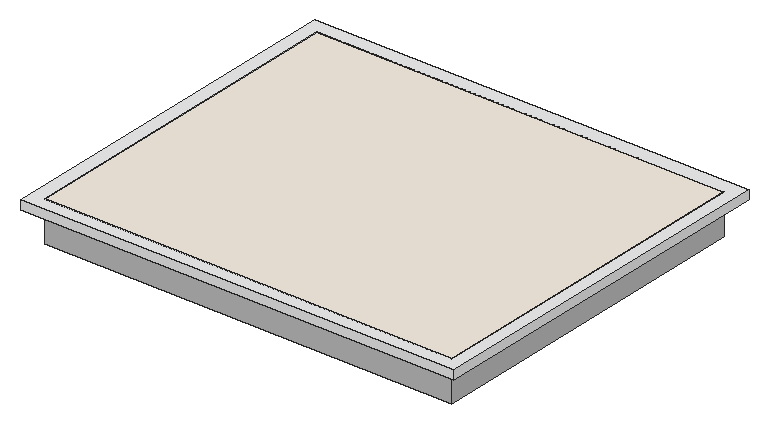
Revit family "Lighting-Industriale-GEWISS-ELIA-HL-LED_RIFLETTORE", category Apparecchi per illuminazione, host Superficie, Revit 2019 (continued)
Types (12, lengths in mm): name | Tensione | Scheda Tecnica | Potenza di sistema | Peso (kg): | Peso (kg) | Ottica | built-in parameter 1150142 | Lumen output (lm) | Modello | IDT | File diagramma fotometrico | Description
    .56 4562.15 4416.81 4273.16 4132.89 3996.85 \r\n3863.34 3734.90 3611.53 3489.85 3367.32 3246.49 3129.03 \r\n3017.49 2910.18 2806.24 2703.15 2602.60 2502.89 2407.40 \r\n2317.84 2231.64 2147.99 2068.56 1990.82 1914.77 1842.10 \r\n1772.81 1704.36 1639.72 1576.35 1515.17 1456.61 1400.42 \r\n1346.85 1295.13 1244.52 1195.84 1149.96 1106.11 1063.26 \r\n1021.86 981.64 943.19 906.94 872.38 838.49 806.13 775.63 \r\n746.73 719.26 692.73 666.62 641.19 616.60 593.36 571.73 \r\n551.45 531.93 513.08 494.92 476.92 458.92 440.84 422.58 \r\n405.09 389.63 375.18 361.49 348.22 335.04 321.78 308.00 \r\n294.40 281.30 269.13 259.08 250.54 244.46 238.71 231.19 \r\n222.74 213.36 203.39 193.00 182.18 171.37 159.84 146.68 \r\n133.15 120.63 107.86 93.63 79.18 65.32 52.15 39.83 28.98 \r\n20.42 13.73 8.89 5.62 3.58 2.89 \r\n12448.54 12447.69 12442.62 12435.86 12424.88 12410.51 \r\n12393.61 12375.87 12354.74 12331.08 12304.04 12273.62 \r\n12241.51 12206.87 12172.22 12135.04 12096.17 12055.61 \r\n12011.67 11966.04 11918.72 11867.18 11814.79 11758.17 \r\n11699.87 11639.87 11576.50 11512.28 11444.68 11374.54 \r\n11304.41 11230.89 11154.84 11076.26 10996.83 10914.86 \r\n10832.06 10747.56 10660.52 10573.48 10483.07 10391.81 \r\n10295.48 10193.23 10085.92 9974.38 9858.61 9737.78 \r\n9611.03 9481.74 9349.08 9212.19 9071.92 8926.58 8774.48 \r\n8611.39 8439.01 8256.49 8068.90 7881.31 7688.65 7492.61 \r\n7293.19 7092.08 6894.35 6706.76 6523.40 6346.80 6173.57 \r\n6003.72 5836.41 5668.26 5501.80 5339.55 5180.69 5020.14 \r\n4863.82 4709.18 4558.77 4413.43 4269.78 4129.51 3991.78 \r\n3859.11 3729.83 3606.46 3484.78 3362.25 3242.26 3126.50 \r\n3015.80 2908.49 2804.55 2702.31 2601.75 2502.89 2407.40 \r\n2318.68 2232.49 2149.68 2070.25 1992.51 1917.30 1845.48 \r\n1774.50 1707.74 1642.76 1579.73 1518.97 1460.50 1404.39 \r\n1350.23 1297.92 1246.80 1197.70 1151.65 1107.54 1064.62 \r\n1022.96 982.65 944.03 907.78 873.14 839.51 807.31 776.72 \r\n747.57 720.11 693.41 667.38 642.03 617.36 593.87 572.06 \r\n551.53 531.59 512.75 494.92 477.51 459.51 441.34 422.92 \r\n405.18 389.63 375.26 361.58 348.31 335.04 321.78 308.09 \r\n294.65 281.47 269.39 258.99 250.29 243.87 237.87 230.52 \r\n222.15 212.86 202.80 192.15 181.08 170.15 158.63 145.50 \r\n132.00 119.42 106.62 92.45 78.12 64.41 51.44 39.39 28.78 \r\n20.33 13.70 8.88 5.60 3.56 2.87 \r\n12448.54 12447.69 12442.62 12435.86 12424.88 12410.51 \r\n12394.46 12375.87 12355.59 12331.93 12305.73 12274.47 \r\n12242.36 12208.56 12173.91 12136.73 12097.02 12056.46 \r\n12013.36 11968.58 11920.41 11868.87 11815.63 11760.71 \r\n11702.41 11642.41 11579.03 11514.81 11447.22 11378.77 \r\n11307.79 11234.27 11159.07 11081.33 11001.06 10919.93 \r\n10837.12 10751.78 10664.74 10576.86 10488.14 10395.19 \r\n10299.70 10198.31 10090.99 9980.29 9864.53 9743.69 \r\n9617.79 9488.50 9355.84 9218.95 9078.68 8934.18 8782.08 \r\n8620.69 8449.15 8267.48 8079.04 7888.92 7696.26 7498.53 \r\n7297.42 7095.47 6896.04 6705.92 6522.55 6345.10 6171.88 \r\n6002.03 5833.88 5665.72 5498.41 5336.17 5175.63 5016.77 \r\n4860.44 4705.80 4554.55 4408.36 4265.56 4124.44 3987.55 \r\n3854.05 3724.76 3600.55 3479.71 3358.03 3238.88 3123.12 \r\n3012.42 2905.95 2802.02 2700.62 2600.06 2502.89 2408.25 \r\n2318.68 2233.34 2151.37 2071.94 1994.20 1919.84 1847.17 \r\n1777.88 1710.28 1645.72 1583.02 1522.61 1464.47 1408.19 \r\n1353.69 1300.62 1249.08 1199.65 1153.26 1108.98 1065.80 \r\n1024.06 983.58 944.88 908.54 873.90 840.44 808.33 777.74 \r\n748.50 720.70 694.08 668.06 642.79 618.03 594.37 572.32 \r\n551.53 531.34 512.32 495.00 478.10 460.10 441.77 423.09 \r\n405.18 389.71 375.35 361.66 348.31 334.96 321.61 308.09 \r\n294.74 281.72 269.64 258.99 249.95 243.19 237.02 229.67 \r\n221.56 212.35 202.29 191.31 180.07 169.03 157.42 144.33 \r\n130.89 118.23 105.37 91.27 77.06 63.50 50.71 38.94 28.60 \r\n20.26 13.68 8.86 5.57 3.54 2.86 \r\n12448.54 12447.69 12442.62 12435.02 12424.88 12410.51 \r\n12394.46 12376.72 12356.43 12332.77 12305.73 12276.16 \r\n12243.20 12209.40 12174.76 12137.58 12098.71 12058.15 \r\n12014.21 11969.42 11922.10 11870.56 11818.17 11762.40 \r\n11704.09 11644.94 11581.57 11517.35 11451.44 11382.15 \r\n11312.01 11238.50 11164.14 11085.56 11005.28 10923.31 \r\n10840.50 10755.16 10668.97 10581.09 10491.52 10399.41 \r\n10304.77 10202.53 10096.06 9985.36 9870.44 9748.76 \r\n9623.70 9494.42 9361.75 9225.71 9085.44 8940.94 8790.53 \r\n8629.14 8459.30 8276.77 8088.34 7897.37 7703.86 7504.44 \r\n7302.49 7098.00 6896.89 6705.07 6520.86 6343.41 6170.19 \r\n6000.34 5830.50 5661.50 5495.03 5332.80 5171.40 5011.69 \r\n4855.37 4701.58 4551.17 4404.98 4262.18 4121.06 3982.48 \r\n3848.97 3719.69 3595.47 3474.64 3353.80 3234.66 3120.59 \r\n3010.73 2904.26 2799.48 2698.09 2599.22 2502.05 2408.25 \r\n2319.52 2234.18 2151.37 2072.78 1995.04 1921.53 1849.70 \r\n1780.41 1712.81 1648.43 1586.23 1526.15 1468.27 1411.91 \r\n1356.90 1303.24 1251.28 1201.34 1154.78 1110.33 1066.90 \r\n1024.98 984.42 945.55 909.22 874.57 841.28 809.26 778.50 \r\n749.18 721.29 694.59 668.65 643.38 618.62 594.71 572.49 \r\n551.45 531.00 511.82 495.00 478.52 460.52 442.10 423.26 \r\n405.26 389.71 375.35 361.66 348.31 334.79 321.44 308.09 \r\n294.90 281.89 269.72 258.99 249.61 242.43 235.92 228.83 \r\n220.88 211.76 201.79 190.63 178.97 167.84 156.22 143.20 \r\n129.83 117.08 104.13 90.09 76.02 62.60 50.01 38.51 28.41 \r\n20.20 13.65 8.85 5.55 3.52 2.84 \r\n12448.54 12446.85 12442.62 12435.02 12424.88 12410.51 \r\n12394.46 12376.72 12356.43 12333.62 12306.58 12277.00 \r\n12244.89 12211.09 12176.45 12138.42 12099.56 12058.15 \r\n12015.06 11971.11 11922.95 11872.25 11819.86 11764.93 \r\n11706.63 11646.63 11584.95 11519.88 11453.97 11385.53 \r\n11315.39 11242.72 11167.52 11089.78 11009.50 10928.38 \r\n10843.88 10759.38 10672.35 10584.47 10494.90 10403.64 \r\n10309.00 10207.60 10101.13 9991.28 9875.51 9754.68 \r\n9628.77 9501.18 9368.51 9231.63 9092.20 8947.70 8797.29 \r\n8637.59 8467.74 8285.22 8096.79 7904.97 7709.78 7509.51 \r\n7306.72 7099.69 6896.89 6705.07 6519.17 6340.88 6167.65 \r\n5996.12 5827.12 5658.12 5490.81 5327.72 5165.48 5007.47 \r\n4850.30 4696.51 4546.94 4400.76 4258.80 4116.84 3978.26 \r\n3843.90 3713.77 3590.40 3469.57 3349.58 3230.43 3117.20 \r\n3008.20 2900.88 2796.10 2695.55 2597.53 2500.35 2408.25 \r\n2319.52 2234.18 2151.37 2072.78 1996.73 1922.37 1851.39 \r\n1782.10 1715.35 1650.88 1589.02 1529.37 1471.65 1415.37 \r\n1359.86 1305.69 1253.22 1203.03 1156.13 1111.34 1067.74 \r\n1025.66 984.93 945.98 909.56 874.91 841.87 810.10 779.26 \r\n749.77 721.71 694.93 669.07 643.97 619.05 595.05 572.49 \r\n551.19 530.49 511.31 494.92 478.86 460.95 442.44 423.43 \r\n405.26 389.63 375.26 361.58 348.14 334.62 321.27 307.92 \r\n294.99 282.06 269.81 258.82 249.11 241.67 235.08 227.81 \r\n220.12 211.25 201.28 189.79 177.96 166.66 155.02 142.10 \r\n128.81 115.98 102.93 88.94 74.99 61.72 49.31 38.09 28.25 \r\n20.13 13.63 8.83 5.53 3.50 2.82 \r\n12448.54 12446.85 12442.62 12435.02 12424.88 12411.36 \r\n12395.31 12377.56 12357.28 12334.47 12307.42 12277.85 \r\n12245.74 12211.94 12176.45 12140.11 12100.40 12058.99 \r\n12016.74 11971.11 11924.64 11873.94 11821.55 11766.62 \r\n11708.32 11649.17 11588.33 11524.11 11457.35 11388.91 \r\n11317.93 11246.10 11170.90 11093.16 11013.73 10931.76 \r\n10848.11 10762.76 10676.57 10587.85 10498.28 10407.86 \r\n10312.38 10211.82 10106.20 9995.50 9879.74 9759.75 \r\n9634.69 9506.25 9373.58 9237.54 9098.11 8953.62 8804.06 \r\n8645.19 8476.19 8294.52 8104.39 7911.73 7715.69 7514.58 \r\n7310.09 7102.22 6896.89 6703.38 6516.64 6339.19 6165.12 \r\n5993.58 5823.74 5653.89 5486.58 5321.81 5160.41 5000.71 \r\n4844.38 4692.28 4541.88 4396.53 4254.57 4112.61 3974.88 \r\n3838.83 3709.55 3586.18 3465.34 3344.51 3227.05 3114.67 \r\n3005.66 2898.35 2792.72 2692.17 2594.15 2498.66 2406.56 \r\n2317.84 2233.34 2151.37 2072.78 1996.73 1924.06 1852.24 \r\n1783.79 1717.04 1652.74 1591.30 1532.07 1474.44 1418.16 \r\n1362.31 1307.64 1254.82 1204.21 1156.97 1112.02 1068.33 \r\n1026.08 985.19 946.23 909.73 875.17 842.30 810.61 779.77 \r\n750.11 721.88 695.01 669.32 644.23 619.30 595.13 572.40 \r\n550.77 529.81 510.63 494.58 479.03 461.20 442.53 423.60 \r\n405.35 389.71 375.18 361.32 347.89 334.37 320.85 307.83 \r\n294.90 282.15 269.89 258.65 248.68 240.91 234.06 226.97 \r\n219.36 210.74 200.86 189.11 176.86 165.50 153.87 141.06 \r\n127.85 114.92 101.77 87.84 74.00 60.87 48.66 37.69 28.09 \r\n20.07 13.60 8.82 5.50 3.48 2.80 \r\n12448.54 12446.85 12442.62 12435.02 12424.88 12411.36 \r\n12395.31 12377.56 12357.28 12335.31 12309.11 12278.69 \r\n12246.58 12212.78 12178.14 12140.11 12101.24 12060.68 \r\n12016.74 11971.96 11924.64 11875.63 11823.24 11767.47 \r\n11710.85 11651.70 11590.02 11526.64 11460.73 11392.29 \r\n11321.31 11249.48 11175.12 11097.38 11017.95 10935.14 \r\n10851.49 10766.14 10679.11 10591.23 10501.66 10410.40 \r\n10316.60 10215.20 10110.42 10000.57 9884.81 9764.82 \r\n9639.76 9510.47 9378.66 9243.45 9104.03 8960.38 8809.97 \r\n8651.95 8483.80 8302.13 8112.00 7918.49 7720.76 7518.81 \r\n7312.63 7103.91 6897.73 6701.69 6514.95 6334.97 6161.74 \r\n5989.36 5818.67 5649.67 5481.52 5316.74 5154.50 4995.64 \r\n4839.31 4686.37 4537.65 4393.15 4249.50 4109.23 3970.65 \r\n3835.45 3704.48 3581.11 3461.96 3341.13 3222.83 3111.29 \r\n3002.28 2894.97 2790.19 2688.79 2591.61 2496.13 2404.02 \r\n2316.14 2231.64 2150.52 2071.94 1995.89 1924.06 1853.09 \r\n1784.64 1717.88 1653.92 1592.91 1534.01 1476.64 1420.36 \r\n1364.08 1309.16 1255.92 1205.05 1157.65 1112.36 1068.50 \r\n1026.17 985.19 946.06 909.56 875.08 842.38 810.86 780.02 \r\n750.28 721.97 694.93 669.24 644.40 619.30 595.05 572.06 \r\n550.18 529.14 509.87 494.32 479.20 461.29 442.53 423.51 \r\n405.35 389.63 375.01 361.07 347.55 333.94 320.51 307.50 \r\n294.82 282.15 269.81 258.40 248.01 240.15 233.05 226.04 \r\n218.60 210.15 200.35 188.35 175.84 164.38 152.75 140.06 \r\n126.97 113.96 100.71 86.81 73.07 60.08 48.04 37.32 27.94 \r\n20.00 13.57 8.80 5.48 3.46 2.79 \r\n12448.54 12446.85 12442.62 12435.02 12424.88 12411.36 \r\n12395.31 12377.56 12358.97 12336.15 12309.96 12279.54 \r\n12247.43 12214.47 12178.98 12141.81 12102.09 12060.68 \r\n12017.59 11973.65 11926.33 11876.47 11824.08 11769.16 \r\n11712.54 11653.39 11592.56 11529.18 11464.11 11395.67 \r\n11324.69 11252.86 11178.50 11100.76 11020.49 10938.52 \r\n10854.87 10769.52 10682.49 10594.61 10504.19 10413.78 \r\n10319.98 10219.43 10114.65 10004.80 9889.03 9769.04 \r\n9643.98 9515.54 9383.72 9247.68 9109.10 8965.45 8815.88 \r\n8658.72 8490.56 8308.88 8118.76 7924.41 7725.83 7522.19 \r\n7316.01 7104.76 6897.73 6700.85 6512.41 6332.43 6158.36 \r\n5985.98 5815.29 5644.60 5476.44 5310.82 5148.58 4989.72 \r\n4833.40 4681.30 4532.58 4388.08 4246.13 4105.01 3967.27 \r\n3831.23 3701.10 3576.88 3457.74 3336.90 3219.45 3108.75 \r\n2999.75 2891.59 2785.12 2684.56 2587.39 2492.75 2401.49 \r\n2314.45 2229.95 2147.99 2070.25 1995.04 1922.37 1853.09 \r\n1783.79 1717.88 1654.43 1593.84 1535.20 1477.90 1421.63 \r\n1365.18 1309.92 1256.51 1205.39 1157.65 1112.27 1068.25 \r\n1025.83 984.76 945.55 909.05 874.66 842.21 810.86 779.85 \r\n750.02 721.55 694.51 668.99 644.06 619.05 594.71 571.47 \r\n549.42 528.29 509.03 493.82 479.03 461.12 442.27 423.43 \r\n405.26 389.38 374.67 360.73 347.13 333.44 319.92 307.16 \r\n294.65 281.98 269.72 257.89 247.42 239.30 232.12 225.11 \r\n217.84 209.48 199.84 187.67 174.83 163.30 151.69 139.13 \r\n126.16 113.07 99.73 85.86 72.21 59.35 47.48 36.98 27.79 \r\n19.94 13.54 8.78 5.46 3.44 2.77 \r\n12448.54 12446.85 12442.62 12435.02 12424.88 12411.36 \r\n12396.15 12378.40 12358.97 12336.15 12309.96 12280.38 \r\n12249.12 12214.47 12179.83 12141.81 12102.93 12061.53 \r\n12018.43 11973.65 11926.33 11878.16 11825.77 11771.69 \r\n11715.08 11656.77 11595.93 11533.41 11467.49 11399.05 \r\n11328.91 11256.24 11181.04 11104.14 11023.02 10941.91 \r\n10857.41 10772.06 10685.87 10597.99 10508.42 10416.31 \r\n10322.52 10222.81 10118.03 10008.18 9894.10 9774.11 \r\n9649.06 9520.61 9387.95 9251.91 9112.48 8969.67 8819.26 \r\n8661.25 8493.94 8312.26 8122.14 7927.79 7728.37 7524.72 \r\n7317.70 7107.29 6897.73 6700.00 6510.72 6329.89 6154.13 \r\n5981.75 5810.22 5638.68 5469.68 5303.22 5140.98 4982.12 \r\n4827.48 4675.38 4527.51 4383.86 4242.74 4102.47 3964.74 \r\n3830.38 3699.41 3575.19 3455.20 3335.21 3216.91 3104.53 \r\n2994.68 2885.67 2780.05 2677.80 2578.94 2483.45 2392.20 \r\n2304.31 2221.50 2140.38 2062.64 1987.44 1915.61 1845.48 \r\n1777.88 1711.97 1648.85 1588.35 1529.79 1472.41 1416.05 \r\n1359.94 1305.10 1252.12 1201.42 1153.85 1108.47 1064.53 \r\n1022.28 981.13 941.84 905.67 871.53 839.25 808.07 777.23 \r\n747.23 718.93 691.97 666.37 641.44 616.60 592.26 568.85 \r\n546.80 526.01 507.17 492.13 477.51 459.51 440.75 422.42 \r\n404.75 388.53 373.41 359.38 345.86 332.17 318.73 306.06 \r\n293.55 280.88 268.54 256.80 246.15 238.46 231.53 224.18 \r\n216.40 208.29 199.00 186.75 173.73 162.24 150.75 138.40 \r\n125.64 112.60 99.26 85.38 71.73 58.96 47.19 36.77 27.64 \r\n19.82 13.45 8.72 5.44 3.43 2.76 \r\n12448.54 12446.85 12442.62 12435.02 12424.88 12411.36 \r\n12396.15 12378.40 12359.81 12337.00 12310.81 12281.23 \r\n12249.12 12215.32 12179.83 12142.65 12102.93 12061.53 \r\n12019.28 11974.49 11927.17 11879.01 11828.31 11773.38 \r\n11716.77 11659.31 11599.31 11535.94 11470.03 11402.43 \r\n11331.45 11258.78 11184.42 11106.68 11026.41 10943.59 \r\n10860.78 10774.59 10688.41 10599.68 10510.95 10419.69 \r\n10324.21 10225.34 10121.41 10013.25 9898.33 9778.34 \r\n9653.28 9524.84 9392.17 9256.13 9116.70 8972.21 8821.80 \r\n8663.78 8495.63 8314.80 8125.52 7930.32 7730.90 7527.26 \r\n7319.39 7107.29 6898.58 6699.16 6508.19 6326.51 6149.91 \r\n5976.68 5805.15 5633.61 5463.77 5296.46 5133.38 4975.36 \r\n4820.72 4669.47 4522.44 4379.63 4239.36 4099.10 3963.05 \r\n3828.69 3698.56 3575.19 3453.51 3333.52 3215.22 3101.15 \r\n2989.61 2880.60 2773.29 2669.35 2568.80 2473.31 2382.05 \r\n2295.86 2212.21 2131.93 2054.19 1979.84 1908.01 1837.87 \r\n1770.27 1706.05 1642.68 1582.26 1523.53 1465.99 1409.63 \r\n1354.03 1299.78 1247.30 1197.03 1149.62 1104.25 1060.47 \r\n1018.31 977.16 937.95 901.95 868.07 835.96 805.03 774.19 \r\n744.36 716.22 689.27 663.49 638.65 613.81 589.56 566.07 \r\n543.93 523.65 505.23 490.44 475.82 457.65 438.98 421.32 \r\n404.16 387.52 371.88 357.86 344.51 330.90 317.47 304.96 \r\n292.54 279.78 267.44 255.53 244.88 237.53 231.02 223.16 \r\n214.97 207.19 198.07 185.82 172.72 161.25 149.88 137.75 \r\n125.20 112.23 98.90 85.00 71.33 58.64 46.97 36.59 27.50 \r\n19.71 13.36 8.67 5.42 3.42 2.75 \r\n12448.54 12446.85 12442.62 12435.02 12424.88 12411.36 \r\n12396.15 12379.25 12359.81 12337.00 12310.81 12281.23 \r\n12249.97 12216.16 12180.67 12142.65 12102.93 12061.53 \r\n12018.43 11974.49 11928.02 11880.70 11830.00 11775.07 \r\n11720.15 11661.84 11601.00 11539.32 11473.41 11404.97 \r\n11333.98 11262.16 11186.95 11108.37 11028.94 10946.13 \r\n10862.47 10777.13 10690.94 10603.06 10513.49 10421.38 \r\n10327.59 10227.88 10124.79 10016.63 9901.71 9782.56 \r\n9658.35 9529.06 9394.71 9259.51 9119.24 8975.59 8824.33 \r\n8665.47 8497.32 8316.49 8128.05 7932.86 7732.59 7528.10 \r\n7321.08 7108.98 6897.73 6698.31 6506.50 6323.98 6146.53 \r\n5971.61 5800.08 5628.55 5457.85 5290.55 5126.61 4967.75 \r\n4814.81 4664.40 4518.22 4375.41 4235.14 4097.40 3961.36 \r\n3827.85 3698.56 3574.35 3452.67 3331.84 3212.69 3098.61 \r\n2985.38 2874.69 2767.37 2661.75 2559.50 2463.17 2371.91 \r\n2285.72 2202.91 2122.64 2044.90 1970.54 1899.56 1830.27 \r\n1762.67 1698.62 1636.09 1575.67 1516.86 1459.15 1402.78 \r\n1347.61 1294.03 1242.15 1192.38 1145.06 1099.77 1056.25 \r\n1014.25 973.02 933.89 898.07 864.52 832.58 801.74 770.98 \r\n741.23 713.18 686.39 660.62 635.61 610.85 586.77 563.19 \r\n541.14 521.20 503.28 488.58 474.04 455.79 437.03 420.05 \r\n403.49 386.59 370.28 356.34 343.15 329.55 316.28 303.69 \r\n291.44 278.68 266.26 254.18 243.70 236.68 230.52 222.32 \r\n213.70 206.01 197.22 184.89 171.70 160.33 149.08 137.19 \r\n124.84 111.95 98.65 84.71 71.02 58.40 46.80 36.45 27.36 \r\n19.60 13.27 8.62 5.40 3.42 2.75 \r\n12448.54 12446.85 12442.62 12435.02 12424.88 12411.36 \r\n12396.15 12380.09 12359.81 12336.15 12311.65 12282.07 \r\n12250.81 12216.16 12180.67 12142.65 12102.93 12061.53 \r\n12019.28 11974.49 11928.86 11880.70 11830.84 11777.61 \r\n11721.84 11664.38 11604.38 11542.70 11477.63 11408.34 \r\n11336.52 11264.69 11188.64 11110.91 11030.63 10947.82 \r\n10864.16 10779.66 10692.63 10604.75 10516.02 10423.92 \r\n10329.28 10230.41 10127.32 10018.32 9905.09 9785.94 \r\n9660.88 9531.60 9398.09 9262.04 9122.62 8977.28 8826.02 \r\n8666.32 8497.32 8317.33 8129.74 7934.55 7734.28
